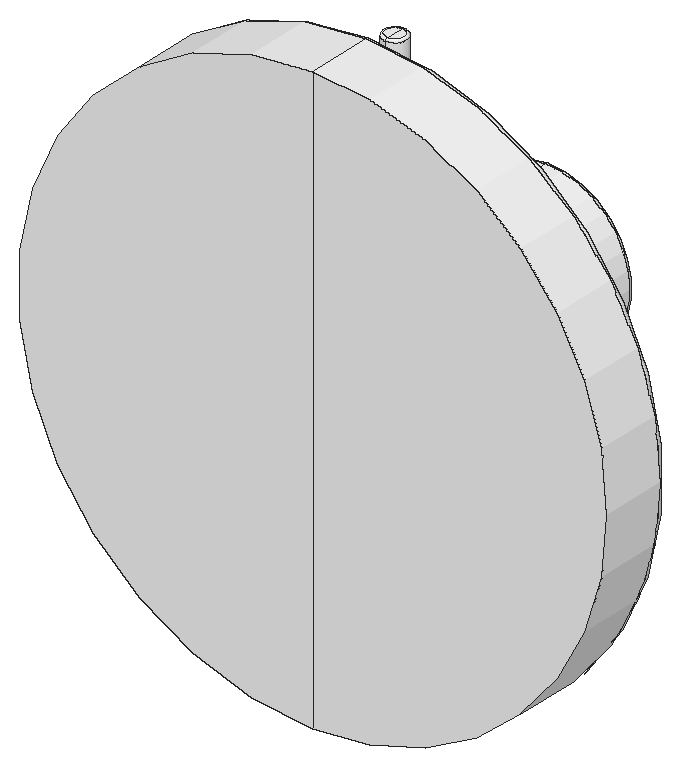
Revit family "CPT-1401_SPEAKMAN_NEO-PRESSURE BALANCE DIVERTER VALVE TRIM", category Generic Models, host Wall, Revit 2023
Family settings
  Host = Wall
  Can host rebar = No
  Round Connector Dimension = Use Diameter
  Part Type = Normal
  Always vertical = Yes
  Cut with Voids When Loaded = No
  Maintain Annotation Orientation = No
  Shared = No
  Room Calculation Point = No
Parameters
  MATERIAL_CPT-1401 = MATERIAL_CPT-1401
  Default Elevation = 0' - 0"
Reference planes (in)
  plane 1: y = 0
  plane 2 "Center (Left/Right)": x = 0
  plane 3 "Wall Edge": y = 3
  plane 4: z = 24.5
  plane 5: z = 17.5
  plane 6: y = 6.5
  plane 7: z = 21
  plane 8: y = 3.875
  plane 9: y = 6.0625
  plane 10: z = 23.375
  plane 11: z = 22.5625
  plane 12: z = 20
  plane 13: z = 22
  plane 14: x = -1
  plane 15: x = 1
  plane 16: x = 0.25
  plane 17: x = -0.25
  plane 18: x = 3.5
  plane 19: x = -3.5
  plane 20: y = 5.8125
  plane 21: y = 6.3125
  plane 22: y = 3
  plane 23: y = 11.46228
Forms (in)
  Revolve 1, solid, material "MATERIAL_CPT-1401", not visible
    sketch origin (0, 11.4623, 21) x (0, 1, 0) y (-1, 0, 0)
      loop
        line (0, 0) -> (0, -3.46899)
        arc (0, -3.46899) -> (0.00908, -3.49092) -> (0.03101, -3.5) r 0.03101
        line (0.03101, -3.5) -> (0.8125, -3.5)
        arc (0.8125, -3.5) -> (0.85669, -3.48169) -> (0.875, -3.4375) r 0.0625
        line (0.875, -3.4375) -> (0.875, 0) -> (0, 0)
      axis (0, 0) -> (0.875, 0)
    angle from 0 to 360
  Revolve 2, solid, material "MATERIAL_CPT-1401" <- "MATERIAL_CPT-1401", not visible
    sketch origin (0, 11.43105, 21) x (0, 1, 0) y (-1, 0, 0)
      loop
        line (0.90625, 0) -> (0.90625, -1.11432)
        arc (0.90625, -1.11432) -> (0.93973, -1.03348) -> (1.02057, -1) r 0.11432
        line (1.02057, -1) -> (2.47798, -1)
        arc (2.47798, -1) -> (2.4962, -0.99245) -> (2.50375, -0.97423) r 0.02577
        line (2.50375, -0.97423) -> (2.50375, -0.77367)
        arc (2.50375, -0.77367) -> (2.51068, -0.75693) -> (2.52742, -0.75) r 0.02367
        line (2.52742, -0.75) -> (2.55956, -0.75) -> (2.55956, -0.98049)
        arc (2.55956, -0.98049) -> (2.57041, -0.99464) -> (2.58742, -1) r 0.02965
        line (2.58742, -1) -> (3.46875, -1)
        arc (3.46875, -1) -> (3.51294, -0.98169) -> (3.53125, -0.9375) r 0.0625
        line (3.53125, -0.9375) -> (3.53125, 0) -> (0.90625, 0)
      axis (0.90625, 0) -> (3.53125, 0)
    angle from 0 to 360
  Revolve 3, solid, material "MATERIAL_CPT-1401" <- "MATERIAL_CPT-1401", not visible
    sketch origin (0, 11.4623, 21) x (0, 0, -1) y (0, 1, 0)
      loop
        line (0.95662, 3.09655) -> (3.5, 3.09655) -> (3.5, 3.32075)
        arc (3.5, 3.32075) -> (3.49244, 3.339) -> (3.4742, 3.34655) r 0.0258
        line (3.4742, 3.34655) -> (1.53964, 3.34655)
        arc (1.53964, 3.34655) -> (1.51944, 3.33818) -> (1.51107, 3.31798) r 0.02857
        line (1.51107, 3.31798) -> (1.51107, 3.2522)
        arc (1.51107, 3.2522) -> (1.50014, 3.23796) -> (1.48301, 3.23256) r 0.02986
        line (1.48301, 3.23256) -> (0.97977, 3.23256)
        arc (0.97977, 3.23256) -> (0.9634, 3.23933) -> (0.95662, 3.2557) r 0.02314
        line (0.95662, 3.2557) -> (0.95662, 3.09655)
      axis (0.95662, 3.09655) -> (3.5, 3.09655)
    angle from 0 to 360
  Revolve 4, solid, material "MATERIAL_CPT-1401" <- "MATERIAL_CPT-1401", not visible
    sketch origin (0, 11.4623, 20.6875) x (0, 0, -1) y (0, 1, 0)
      loop
        line (-2.49654, 0.87532) -> (-2.06217, 0.87532) -> (-2.06217, 0.90675) -> (-2.02146, 0.90675)
        arc (-2.02146, 0.90675) -> (-2.00384, 0.91405) -> (-1.99654, 0.93167) r 0.02492
        line (-1.99654, 0.93167) -> (-1.99654, 1.32669)
        arc (-1.99654, 1.32669) -> (-2.01069, 1.36085) -> (-2.04485, 1.375) r 0.04831
        line (-2.04485, 1.375) -> (-2.49654, 1.375) -> (-2.49654, 0.87532)
      axis (-2.49654, 0.87532) -> (-2.49654, 1.375)
    angle from 0 to 360
  Revolve 5, solid, material "MATERIAL_CPT-1401" <- "MATERIAL_CPT-1401", not visible
    sketch origin (0, 11.4623, 21) x (0, 0, -1) y (0, 1, 0)
      loop
        line (-2.68404, 1.13204) -> (-2.68404, 1.23195)
        arc (-2.68404, 1.23195) -> (-2.69116, 1.21478) -> (-2.70833, 1.20767) r 0.02428
        line (-2.70833, 1.20767) -> (-2.88336, 1.20767)
        arc (-2.88336, 1.20767) -> (-2.89977, 1.2146) -> (-2.90624, 1.23121) r 0.02287
        arc (-2.90624, 1.23121) -> (-2.91382, 1.25071) -> (-2.9331, 1.25886) r 0.02686
        line (-2.9331, 1.25886) -> (-3.403, 1.25886)
        arc (-3.403, 1.25886) -> (-3.4268, 1.24901) -> (-3.43665, 1.22521) r 0.03365
        line (-3.43665, 1.22521) -> (-3.43665, 1.13204) -> (-2.68404, 1.13204)
      axis (-2.68404, 1.13204) -> (-3.43665, 1.13204)
    angle from 0 to 360
  Revolve 6, solid, material "MATERIAL_CPT-1401" <- "MATERIAL_CPT-1401"
    sketch origin (0, 0, 0) x (0, 1, 0) y (0, 0, 1)
      loop
        line (3, 21) -> (3, 17.5) -> (3.78451, 17.5)
        arc (3.78451, 17.5) -> (3.8485, 17.5265) -> (3.875, 17.59049) r 0.09049
        line (3.875, 17.59049) -> (3.875, 21) -> (3, 21)
      axis (3, 21) -> (3.875, 21)
    angle from 0 to 360
  Revolve 7, solid, material "MATERIAL_CPT-1401" <- "MATERIAL_CPT-1401"
    sketch origin (0, 0, 0) x (0, 1, 0) y (0, 0, 1)
      loop
        line (3.875, 21) -> (3.87501, 19.76214)
        arc (3.87501, 19.76214) -> (3.88106, 19.74761) -> (3.89563, 19.74166) r 0.02048
        line (3.89563, 19.74166) -> (3.93616, 19.74209)
        arc (3.93616, 19.74209) -> (3.97139, 19.75695) -> (3.9858, 19.79237) r 0.04996
        arc (3.9858, 19.79237) -> (4.0439, 19.93726) -> (4.18684, 20) r 0.20636
        line (4.18684, 20) -> (5.54284, 20)
        arc (5.54284, 20) -> (5.55886, 20.0087) -> (5.56525, 20.02578) r 0.02604
        line (5.56525, 20.02578) -> (5.56525, 20.12317)
        arc (5.56525, 20.12317) -> (5.58881, 20.13637) -> (5.61561, 20.13964) r 0.06981
        line (5.61561, 20.13964) -> (5.61561, 20.02885)
        arc (5.61561, 20.02885) -> (5.62406, 20.00845) -> (5.64447, 20) r 0.02885
        line (5.64447, 20) -> (6.46164, 20)
        arc (6.46164, 20) -> (6.48876, 20.01124) -> (6.5, 20.03836) r 0.03836
        line (6.5, 20.03836) -> (6.5, 21) -> (3.875, 21)
      axis (3.875, 21) -> (6.5, 21)
    angle from 0 to 360
  Revolve 8, solid, material "MATERIAL_CPT-1401" <- "MATERIAL_CPT-1401"
    sketch origin (0, 0, 0) x (0, 1, 0) y (0, 0, 1)
      loop
        arc (6.2709, 17.5) -> (6.30032, 17.51218) -> (6.3125, 17.5416) r 0.0416
        line (6.3125, 17.5416) -> (6.3125, 19.4589)
        arc (6.3125, 19.4589) -> (6.30475, 19.47761) -> (6.28604, 19.48536) r 0.02646
        arc (6.28604, 19.48536) -> (6.26593, 19.49585) -> (6.25, 19.51198) r 0.0732
        line (6.25, 19.51198) -> (6.25, 19.93747)
        arc (6.25, 19.93747) -> (6.26772, 19.986) -> (6.31253, 20.01172) r 0.07535
        line (6.31253, 20.01172) -> (6.0625, 20.01172) -> (6.0625, 17.5) -> (6.2709, 17.5)
      axis (6.0625, 20.01172) -> (6.0625, 17.5)
    angle from 0 to 360
  Revolve 9, solid, material "MATERIAL_CPT-1401" <- "MATERIAL_CPT-1401"
    sketch origin (0, 0, 0) x (0, 1, 0) y (0, 0, 1)
      loop
        line (3.875, 22.96875) -> (3.875, 22.63943) -> (3.90615, 22.63943) -> (3.90615, 22.60087)
        arc (3.90615, 22.60087) -> (3.91738, 22.57374) -> (3.94452, 22.5625) r 0.03837
        line (3.94452, 22.5625) -> (4.32971, 22.5625)
        arc (4.32971, 22.5625) -> (4.36635, 22.57768) -> (4.38152, 22.61431) r 0.05181
        line (4.38152, 22.61431) -> (4.38152, 22.96875) -> (3.875, 22.96875)
      axis (3.875, 22.96875) -> (4.38152, 22.96875)
    angle from 0 to 360
  Revolve 10, solid, material "MATERIAL_CPT-1401" <- "MATERIAL_CPT-1401"
    sketch origin (0, 0, 0) x (0, 1, 0) y (0, 0, 1)
      loop
        arc (4.36171, 24.34378) -> (4.35384, 24.36278) -> (4.33484, 24.37065) r 0.02687
        line (4.33484, 24.37065) -> (4.22308, 24.37065) -> (4.22308, 23.37109) -> (4.3419, 23.37109)
        arc (4.3419, 23.37109) -> (4.32765, 23.37998) -> (4.32209, 23.39583) r 0.02535
        line (4.32209, 23.39583) -> (4.32209, 23.54825)
        arc (4.32209, 23.54825) -> (4.32656, 23.56399) -> (4.33864, 23.57504) r 0.02996
        arc (4.33864, 23.57504) -> (4.35495, 23.5818) -> (4.36171, 23.59811) r 0.02307
        line (4.36171, 23.59811) -> (4.36171, 24.34378)
      axis (4.22308, 23.37109) -> (4.22308, 24.37065)
    angle from 0 to 360
Cuts and joins
  joined: Revolve 7, Revolve 8
Lines and regions (in)
  reference lines
    curve 1: line (-3.5, 3, 21) -> (3.5, 3, 21)
Text (in)
  text "Placement Side" at (0, 40.15149, 123.01588), in view "Right"
  text "Placement Side" at (-70.3804, 28.46503, 0), in view "Ref. Level"
  text "Placement Side" at (0, 81.62555, 140.59947), in view "Left"
Dimensions and locks (in)
  locked: plane 3 "Wall Edge" to host wall
  plane 6 to plane 8 to host wall = 0' - 2 5/8", 0' - 0 7/8"
  plane 5 to plane 7 = 0' - 3 1/2"  (x2)
  plane 12 to plane 13 = 0' - 2"  (x3)
  plane 11 to plane 10 = 0' - 0 13/16"  (x3)
  plane 6 to host wall = 0' - 3 1/2"
  plane 15 to plane 14 = 0' - 2"
  plane 5 to plane 4 = 0' - 7"
  plane 16 to plane 17 = 0' - 0 1/2"
  plane 18 to plane 19 = 0' - 7"
  plane 4 to plane 5 = 0' - 7"  (x2)
  host wall to plane 8 = 0' - 0 7/8"
  plane 3 "Wall Edge" to plane 6 = 0' - 3 1/2"
  plane 8 to plane 3 "Wall Edge" = 0' - 0 7/8"
  plane 19 to plane 18 = 0' - 7"
  plane 14 to plane 15 = 0' - 2"
  plane 6 to plane 3 "Wall Edge" = 0' - 3 1/2"
  plane 6 to plane 8 = 0' - 2 5/8"
  plane 21 to plane 20 = 0' - 0 1/2"
  plane 20 to plane 21 = 0' - 0 1/2"
  plane 8 to plane 6 = 0' - 2 5/8"
  Revolve 2 sketch curve to Revolve 2 sketch curve = 0' - 1"
  Revolve 3 sketch curve to Revolve 3 sketch curve = 0' - 0 1/4"
  plane 6 to plane 22 = 0' - 3 1/2"
  aligned and locked: plane 22 to plane 3 "Wall Edge"
  aligned and locked: plane 3 "Wall Edge" to curve 1
